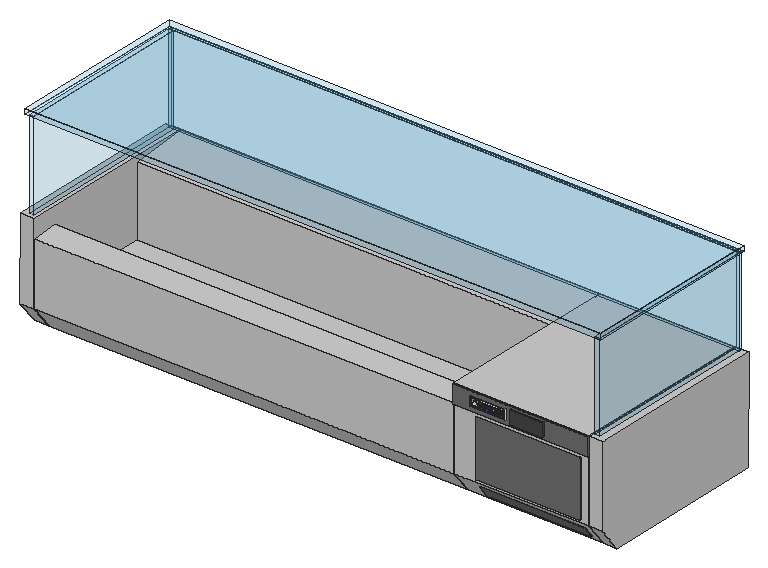
Revit family "Qf_Afinox_VRS1260V", category Specialty Equipment, Revit 2014
Parameters
  Show Logo [instance] = yes
  Show Clearance [instance] = yes
Reference planes
  plane 1 "Back": y = 0
  plane 2: z = 0
  plane 3 "Left": x = 0
  plane 4 "Right": x = 1260
  plane 5 "Front": y = -395
  plane 6 "Top": z = 225
Forms (mm)
  Extrusion 1, solid
    sketch origin (160, 0, 0) x (0, 1, 0) y (0, 0, 1)
      loop
        line (0, 225) -> (-118.091, 213.424) -> (-118.091, 63.424) -> (-342.706, 63.424) -> (-342.706, 191.405) -> (-395, 186.278) -> (-395, 50) -> (-354.511, 0) -> (0, 0) -> (0, 225)
    from -130 to 778
  Extrusion 2, solid
    sketch origin (0, 0, 0) x (0, 1, 0) y (0, 0, 1)
      loop
        line (0, 225) -> (-395, 225) -> (-395, 50) -> (-354.511, 0) -> (0, 0) -> (0, 225)
    from 0 to 30
  Extrusion 3, solid
    sketch origin (1230, 0, 0) x (0, 1, 0) y (0, 0, 1)
      loop
        line (0, 225) -> (-395, 225) -> (-395, 50) -> (-354.511, 0) -> (0, 0) -> (0, 225)
    from 0 to 30
  Extrusion 4, solid
    sketch origin (1200, 0, 0) x (0, 1, 0) y (0, 0, 1)
      loop
        line (0, 225) -> (-395, 225) -> (-395, 50) -> (-354.511, 0) -> (0, 0) -> (0, 225)
    from -262 to 30
  Extrusion 5, solid
    sketch origin (160, -394, -0.038) x (1, 0, 0) y (0, 0, 1)
      loop
        arc (829.65, 178.011) -> (827.352, 177.059) -> (826.4, 174.761) r 3.25
        line (826.4, 174.761) -> (826.4, 59.261)
        arc (826.4, 59.261) -> (827.352, 56.963) -> (829.65, 56.011) r 3.25
        line (829.65, 56.011) -> (1050.15, 56.011)
        arc (1050.15, 56.011) -> (1052.448, 56.963) -> (1053.4, 59.261) r 3.25
        line (1053.4, 59.261) -> (1053.4, 174.761)
        arc (1053.4, 174.761) -> (1052.448, 177.059) -> (1050.15, 178.011) r 3.25
        line (1050.15, 178.011) -> (829.65, 178.011)
    from 0 to 2
  Extrusion 6, solid
    sketch origin (160, -273.564, -98.372) x (1, 0, 0) y (0, -0.62932, 0.777146)
      loop
        arc (829.65, 178.011) -> (827.352, 177.059) -> (826.4, 174.761) r 3.25
        line (826.4, 174.761) -> (826.4, 141.843)
        arc (826.4, 141.843) -> (827.352, 139.544) -> (829.65, 138.593) r 3.25
        line (829.65, 138.593) -> (1050.15, 138.593)
        arc (1050.15, 138.593) -> (1052.448, 139.544) -> (1053.4, 141.843) r 3.25
        line (1053.4, 141.843) -> (1053.4, 174.761)
        arc (1053.4, 174.761) -> (1052.448, 177.059) -> (1050.15, 178.011) r 3.25
        line (1050.15, 178.011) -> (829.65, 178.011)
    from 0 to 2
  Extrusion 7, solid
    sketch origin (152.335, -397, -1.215) x (1, 0, 0) y (0, 0, 1)
      loop
        line (912.065, 221.354) -> (912.065, 192.354) -> (983.065, 192.354) -> (983.065, 221.354) -> (912.065, 221.354)
    from 0 to 3
  Extrusion 8, solid, visible <- "Show Logo"
    sketch origin (797.556, -397, -384.108) x (1, 0, 0) y (0, 0, 1)
      loop
        line (179.287, 599.596) -> (179.287, 579.899) -> (254.287, 579.899) -> (254.287, 599.596) -> (179.287, 599.596)
      loop
        line (199.226, 597.323) -> (199.226, 582.172) -> (253.014, 582.172) -> (253.014, 597.323) -> (199.226, 597.323)
      loop
        line (180.287, 597.323) -> (180.287, 582.172) -> (198.848, 582.172) -> (198.848, 597.323) -> (180.287, 597.323)
    from 0 to 2
  Extrusion 9, solid, visible <- "Show Logo"
    sketch origin (4.53, -397, -622.718) x (1, 0, 0) y (0, 0, 1)
      loop
        arc (994.034, 825.04) -> (994.842, 823.416) -> (996.479, 824.198) r 1.293
        line (996.479, 824.198) -> (996.958, 825.22) -> (1000.192, 825.22) -> (1000.6, 824.198)
        arc (1000.6, 824.198) -> (1002.252, 823.366) -> (1003.039, 825.04) r 1.291
        line (1003.039, 825.04) -> (999.801, 832.415)
        arc (999.801, 832.415) -> (998.57, 833.402) -> (997.337, 832.418) r 1.263
        line (997.337, 832.418) -> (994.034, 825.04)
      loop
        line (999.576, 827.427) -> (998.603, 829.738) -> (997.631, 827.445) -> (999.576, 827.427)
      loop
        line (1004.344, 832.421) -> (1004.344, 824.556)
        arc (1004.344, 824.556) -> (1005.631, 823.448) -> (1006.918, 824.556) r 1.302
        line (1006.918, 824.556) -> (1006.918, 827.178) -> (1010.126, 827.178)
        arc (1010.126, 827.178) -> (1011.3, 828.493) -> (1010.126, 829.808) r 1.323
        line (1010.126, 829.808) -> (1006.918, 829.808) -> (1006.918, 830.954) -> (1010.126, 830.954)
        arc (1010.126, 830.954) -> (1011.264, 832.233) -> (1010.126, 833.511) r 1.287
        line (1010.126, 833.511) -> (1005.326, 833.511)
        arc (1005.326, 833.511) -> (1004.652, 833.13) -> (1004.344, 832.421) r 1.22
      loop
        line (1012.593, 832.457) -> (1012.593, 824.488)
        arc (1012.593, 824.488) -> (1013.928, 823.343) -> (1015.262, 824.488) r 1.35
        line (1015.262, 824.488) -> (1015.262, 832.457)
        arc (1015.262, 832.457) -> (1013.928, 833.516) -> (1012.593, 832.457) r 1.37
      loop
        arc (1019.372, 832.457) -> (1018.038, 833.516) -> (1016.703, 832.457) r 1.37
        line (1016.703, 832.457) -> (1016.703, 824.488)
        arc (1016.703, 824.488) -> (1018.038, 823.343) -> (1019.372, 824.488) r 1.35
        line (1019.372, 824.488) -> (1019.372, 828.473) -> (1022.448, 824.488)
        arc (1022.448, 824.488) -> (1023.783, 823.343) -> (1025.118, 824.488) r 1.35
        line (1025.118, 824.488) -> (1025.118, 832.457)
        arc (1025.118, 832.457) -> (1023.783, 833.516) -> (1022.448, 832.457) r 1.37
        line (1022.448, 832.457) -> (1022.448, 828.473) -> (1019.372, 832.457)
      loop
        circle (1031.159, 828.429) r 5.095
      loop
        circle (1031.159, 828.429) r 2.733
      loop
        line (1036.425, 831.5) -> (1038.763, 828.375) -> (1036.365, 825.267)
        arc (1036.365, 825.267) -> (1036.712, 823.621) -> (1038.393, 823.703) r 1.296
        line (1038.393, 823.703) -> (1040.42, 826.313) -> (1042.28, 823.703)
        arc (1042.28, 823.703) -> (1043.993, 823.58) -> (1044.434, 825.238) r 1.346
        line (1044.434, 825.238) -> (1042.048, 828.408) -> (1044.37, 831.408)
        arc (1044.37, 831.408) -> (1044.07, 833.196) -> (1042.269, 832.987) r 1.316
        line (1042.269, 832.987) -> (1040.366, 830.453) -> (1038.502, 833.054)
        arc (1038.502, 833.054) -> (1036.78, 833.19) -> (1036.425, 831.5) r 1.308
      loop
        line (1046.04, 835.933) -> (992.253, 835.933) -> (992.253, 820.782) -> (1046.04, 820.782) -> (1046.04, 835.933)
    from 0 to 2
  Extrusion 10, solid, visible <- "Show Logo"
    sketch origin (-2.598, -397, -442.664) x (1, 0, 0) y (0, 0, 1)
      loop
        line (980.441, 655.879) -> (980.441, 640.728) -> (999.001, 640.728) -> (999.001, 655.879) -> (980.441, 655.879)
      loop
        arc (982.146, 642.435) -> (982.404, 641.667) -> (983.211, 641.586) r 0.747
        line (983.211, 641.586) -> (989.781, 644.576) -> (996.334, 641.6)
        arc (996.334, 641.6) -> (997.088, 641.702) -> (997.296, 642.435) r 0.695
        line (997.296, 642.435) -> (990.231, 654.688)
        arc (990.231, 654.688) -> (989.721, 654.992) -> (989.211, 654.688) r 0.58
        line (989.211, 654.688) -> (982.146, 642.435)
    from 0 to 2
  Extrusion 11, solid, visible <- "Show Logo"
    sketch origin (-36.886, -397, -392.26) x (1, 0, 0) y (0, 0, 1)
      loop
        arc (1016.435, 592.031) -> (1016.693, 591.262) -> (1017.5, 591.182) r 0.747
        line (1017.5, 591.182) -> (1024.07, 594.172) -> (1030.623, 591.195)
        arc (1030.623, 591.195) -> (1031.377, 591.298) -> (1031.584, 592.031) r 0.695
        line (1031.584, 592.031) -> (1024.52, 604.283)
        arc (1024.52, 604.283) -> (1024.01, 604.588) -> (1023.5, 604.283) r 0.58
        line (1023.5, 604.283) -> (1016.435, 592.031)
      loop
        arc (1035.45, 594.582) -> (1036.258, 592.958) -> (1037.895, 593.739) r 1.293
        line (1037.895, 593.739) -> (1038.374, 594.762) -> (1041.608, 594.762) -> (1042.016, 593.739)
        arc (1042.016, 593.739) -> (1043.668, 592.908) -> (1044.455, 594.582) r 1.291
        line (1044.455, 594.582) -> (1041.218, 601.957)
        arc (1041.218, 601.957) -> (1039.986, 602.943) -> (1038.753, 601.959) r 1.263
        line (1038.753, 601.959) -> (1035.45, 594.582)
      loop
        line (1040.992, 596.969) -> (1040.02, 599.279) -> (1039.047, 596.987) -> (1040.992, 596.969)
      loop
        arc (1045.76, 594.097) -> (1047.047, 592.99) -> (1048.334, 594.097) r 1.302
        line (1048.334, 594.097) -> (1048.334, 596.72) -> (1051.542, 596.72)
        arc (1051.542, 596.72) -> (1052.716, 598.035) -> (1051.542, 599.35) r 1.323
        line (1051.542, 599.35) -> (1048.334, 599.35) -> (1048.334, 600.496) -> (1051.542, 600.496)
        arc (1051.542, 600.496) -> (1052.681, 601.774) -> (1051.542, 603.052) r 1.287
        line (1051.542, 603.052) -> (1046.742, 603.052)
        arc (1046.742, 603.052) -> (1046.069, 602.672) -> (1045.76, 601.962) r 1.22
        line (1045.76, 601.962) -> (1045.76, 594.097)
      loop
        arc (1054.01, 594.029) -> (1055.344, 592.884) -> (1056.679, 594.029) r 1.35
        line (1056.679, 594.029) -> (1056.679, 601.999)
        arc (1056.679, 601.999) -> (1055.344, 603.058) -> (1054.01, 601.999) r 1.37
        line (1054.01, 601.999) -> (1054.01, 594.029)
      loop
        arc (1058.12, 594.029) -> (1059.454, 592.884) -> (1060.789, 594.029) r 1.35
        line (1060.789, 594.029) -> (1060.789, 598.014) -> (1063.865, 594.029)
        arc (1063.865, 594.029) -> (1065.199, 592.884) -> (1066.534, 594.029) r 1.35
        line (1066.534, 594.029) -> (1066.534, 601.999)
        arc (1066.534, 601.999) -> (1065.199, 603.058) -> (1063.865, 601.999) r 1.37
        line (1063.865, 601.999) -> (1063.865, 598.014) -> (1060.789, 601.999)
        arc (1060.789, 601.999) -> (1059.454, 603.058) -> (1058.12, 601.999) r 1.37
        line (1058.12, 601.999) -> (1058.12, 594.029)
      loop
        circle (1072.575, 597.971) r 5.095
      loop
        circle (1072.575, 597.971) r 2.733
      loop
        line (1080.18, 597.917) -> (1077.782, 594.809)
        arc (1077.782, 594.809) -> (1078.129, 593.163) -> (1079.809, 593.245) r 1.296
        line (1079.809, 593.245) -> (1081.836, 595.854) -> (1083.697, 593.245)
        arc (1083.697, 593.245) -> (1085.409, 593.121) -> (1085.851, 594.78) r 1.346
        line (1085.851, 594.78) -> (1083.464, 597.949) -> (1085.787, 600.95)
        arc (1085.787, 600.95) -> (1085.486, 602.737) -> (1083.686, 602.528) r 1.316
        line (1083.686, 602.528) -> (1081.782, 599.994) -> (1079.918, 602.596)
        arc (1079.918, 602.596) -> (1078.197, 602.731) -> (1077.841, 601.041) r 1.308
        line (1077.841, 601.041) -> (1080.18, 597.917)
    from 0 to 2
  Extrusion 12, solid
    sketch origin (25.935, -395, 3.646) x (1, 0, 0) y (0, 0, 1)
      loop
        line (912.065, 221.354) -> (912.065, 182.633) -> (1204.065, 182.633) -> (1204.065, 221.354) -> (912.065, 221.354)
    from 0 to 2
  Extrusion 13, solid
    sketch origin (160, -6.8, 0) x (1, 0, 0) y (0, 0, 1)
      loop
        circle (1050, 20) r 5
    from -17.6 to -6.8
  Extrusion 14, solid
    sketch origin (160, 0, 0) x (1, 0, 0) y (0, 0, 1)
      loop
        line (-130, 13) -> (1070, 13) -> (1070, 186) -> (-130, 186) -> (-130, 13)
      loop
        circle (1050, 20) r 5
    from -10.8 to 0
  Extrusion 15, solid
    sketch origin (155, 0, 0) x (0, 1, 0) y (0, 0, 1)
      loop
        line (0, 428.598) -> (-391, 428.598) -> (-391, 416.598) -> (0, 416.598) -> (0, 428.598)
    from -147.5 to 1097.5
  Extrusion 16, solid
    sketch origin (160, 0, 0) x (0, 1, 0) y (0, 0, 1)
      loop
        line (-2, 416.598) -> (-8, 416.598) -> (-8, 225.598) -> (-2, 225.598) -> (-2, 416.598)
    from -147.5 to 1087.5
  Extrusion 17, solid
    sketch origin (0, 0, 0) x (1, 0, 0) y (0, 0, 1)
      loop
        line (12.5, 416.598) -> (12.5, 225) -> (22.5, 225) -> (22.5, 416.598) -> (12.5, 416.598)
    from 8 to 386
  Extrusion 18, solid
    sketch origin (160, 0, 0) x (1, 0, 0) y (0, 0, 1)
      loop
        line (1077.5, 416.598) -> (1077.5, 225.598) -> (1087.5, 225.598) -> (1087.5, 416.598) -> (1077.5, 416.598)
    from 2 to 386
Lines and regions (mm)
  symbolic lines, style "200-EquipBorder-2D"
    curve 1: line (0, 0, 0) -> (1260, 0, 0)
    curve 2: line (0, -395, 0) -> (0, 0, 0)
    curve 3: line (1260, -395, 0) -> (0, -395, 0)
    curve 4: line (1260, 0, 0) -> (1260, -395, 0)
    curve 5: line (30, 0, 0) -> (30, 10.8, 0)
    curve 6: line (30, 10.8, 0) -> (1230, 10.8, 0)
    curve 7: line (1230, 10.8, 0) -> (1230, 0, 0)
  symbolic lines, style "200-EquipInternal-2D"
    curve 8: line (7.5, -2, 0) -> (1252.5, -2, 0)
    curve 9: line (7.5, -391, 0) -> (7.5, -2, 0)
    curve 10: line (1252.5, -391, 0) -> (7.5, -391, 0)
    curve 11: line (1252.5, -2, 0) -> (1252.5, -391, 0)
    curve 12: line (938, -391, 0) -> (938, -395, 0)
    curve 13: line (1230, -391, 0) -> (1230, -395, 0)
    curve 14: line (30, -391, 0) -> (30, -395, 0)
Dimensions and locks
  plane 3 "Left" to plane 4 "Right" = 1260 mm
  plane 5 "Front" to plane 1 "Back" = 395 mm
  plane 6 "Top" to level = 225 mm
  aligned and locked: level to plane 2
  aligned and locked: Extrusion 1 to Extrusion 2
  aligned and locked: Extrusion 14 to Extrusion 1
Connectors
  electrical at (1210, 10.8, 20)
    settings: on Extrusion 13, index 1, voltage 0 V, apparent load 0 VA, apparent load phase1 0 VA, apparent load phase2 0 VA, apparent load phase3 0 VA, power factor 1, load classification "Other", number of poles 1, system type 31, power factor state 1, is connector primary yes, connector utility no, sub classification motor no, connector description "Electrical connection"
